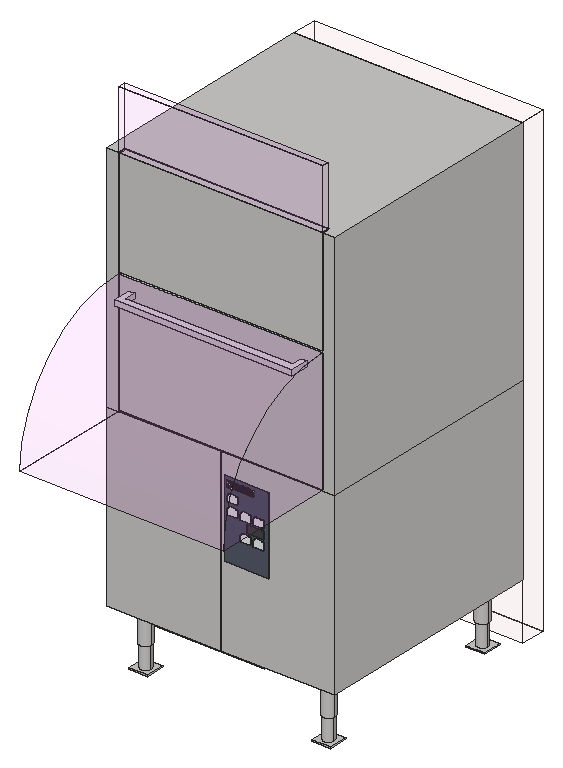
Revit family "QF_ELECTROLUXPROFESSIONAL_190898_EPPWESGM6", category Attrezzature speciali, Revit 2020
Family settings
  Quota connettore circolare = Usa diametro
  Tipo di parte = Normale
  Basato su piano di lavoro = No
  Sempre verticale = Sì
  Taglio con vuoti quando caricato = No
  Condiviso = No
  Punto di calcolo locali = No
Parameters (values of type "Standard")
  Weight = 200.00 kg
  Watts = 13000 W
  Volts = 400 V
  URL Manufacturer = "https://www.electroluxprofessional.com/"
  URL = "https://www.electroluxprofessional.com/"
  Steam Supply Size = 0 mm
  Steam Supply Minimum Pressure = 0.0 Pa
  Steam Supply Maximum Pressure = 0.0 Pa
  Steam Consumption per Hour = 0
  Show Logo [instance] = yes
  Show Clearance [instance] = yes
  Refrigeration Suction Line Size = 0 mm
  Refrigeration Liquid Line Size = 0 mm
  Refrigerant Compressor Remote = yes
  Prospetto di default = 0 mm
  Produttore = "Electrolux Professional"
  Phase = 3
  Modello = "EPPWESGM6"
  Length Actual = 876 mm  # constant formula
  Item Number = "190898"
  Hot Water Size = 19.05 mm
  Height Actual = 1791 mm  # constant formula
  HP = "17.4 HP"
  Gas Size = 0 mm
  Gas KW = 0
  Gas Input Pressure = 0 W
  Direct Waste Size = 20 mm
  Descrizione = "ELECTRONIC POT&PAN 900MM, 60HZ-MARINE"
  Depth Actual = 900 mm  # constant formula
  Cycle = 60 Hz
  Condensate Return Size = 0 mm
  Compressed Air Volume = 0.0 L/s
  Compressed Air Size = 0 mm
  Compressed Air Pressure = 0.0 Pa
  Cold Water Size = 0 mm
  Accessory = yes
Reference planes
  plane 1 "Center (Front/Back)": y = 0
  plane 2: z = 0
  plane 3: x = -63
  plane 4 "LEFT": x = -501
  plane 5: x = 375
  plane 6: y = -450
  plane 7 "BACK": y = 450
  plane 8: z = 220
  plane 9: z = 115
  plane 10: z = 1791
Forms (mm)
  Extrusion 1, solid, material "QF_Finishes_Stainless Steel"
    sketch origin (88.519, -3.5, 0) x (1, 0, 0) y (0, 1, 0)
      loop
        line (-534.519, -88.5) -> (-534.519, -308.5) -> (-94.519, -308.5) -> (-94.519, -88.5) -> (-534.519, -88.5)
    from 115 to 220
  Extrusion 2, solid, material "QF_Finishes_Stainless Steel"
    sketch origin (0, 0, 0) x (1, 0, 0) y (0, 1, 0)
      loop
        line (-501, 450) -> (-501, -450) -> (-63, -450) -> (-63, 450) -> (-501, 450)
    from 220 to 904
  Extrusion 3, solid, material "QF_Finishes_Stainless Steel"
    sketch origin (0, 0, 0) x (1, 0, 0) y (0, 1, 0)
      loop
        line (-63, 450) -> (-63, -450) -> (375, -450) -> (375, 450) -> (-63, 450)
    from 220 to 904
  Extrusion 4, solid, material "QF_Finishes_Stainless Steel"
    sketch origin (0, 0, 0) x (1, 0, 0) y (0, 1, 0)
      loop
        line (-501, 450) -> (-501, -450) -> (-453, -450) -> (-453, -418) -> (327, -418) -> (327, -450) -> (375, -450) -> (375, 450) -> (-501, 450)
    from 904 to 1791
  Extrusion 5, solid, material "QF_Finishes_Stainless Steel"
    sketch origin (0, 0, 0) x (1, 0, 0) y (0, 1, 0)
      loop
        line (-453, -450) -> (327, -450) -> (327, -420) -> (-453, -420) -> (-453, -450)
    from 909 to 1377.938
  Extrusion 6, solid, material "QF_Finishes_Stainless Steel"
    sketch origin (0, 0, 0) x (1, 0, 0) y (0, 1, 0)
      loop
        line (-453, -450) -> (327, -450) -> (327, -420) -> (-453, -420) -> (-453, -450)
    from 1384.114 to 1791
  Extrusion 7, solid, material "QF_Finishes_Door Clearance", visible <- "Show Clearance"
    sketch origin (-229, -650, 546.718) x (0, 1, 0) y (0, 0, -1)
      loop
        line (200, -357.282) -> (-274, -357.282)
        arc (-274, -357.282) -> (-135.169, -692.45) -> (200, -831.282) r 474
        line (200, -831.282) -> (200, -357.282)
    from 224 to -556
  Extrusion 8, solid, material "QF_Finishes_Door Clearance", visible <- "Show Clearance"
    sketch origin (-229, -650, 1221.218) x (0, 1, 0) y (0, 0, -1)
      loop
        line (200, -569.782) -> (200, -798.782) -> (230, -798.782) -> (230, -569.782) -> (200, -569.782)
    from 224 to -556
  Extrusion 9, solid, material "QF_Finishes_Clearance", visible <- "Show Clearance"
    sketch origin (0, 0, 0) x (1, 0, 0) y (0, 1, 0)
      loop
        line (-501, 450) -> (375, 450) -> (375, 550) -> (-501, 550) -> (-501, 450)
    from 0 to 1791
  Extrusion 10, solid, material "QF_Finishes_Stainless Steel"
    sketch origin (-756.159, 1152.464, 214.383) x (1, 0, 0) y (0, 1, 0)
      loop
        circle (701.159, -772.464) r 10
    from -9.383 to 5.617
  Extrusion 11, solid, material "QF_Finishes_Stainless Steel"
    sketch origin (207.404, -238.023, 218) x (0, -1, 0) y (1, 0, 0)
      loop
        line (-163.023, 6.596) -> (-163.023, 26.596) -> (-183.023, 26.596) -> (-183.023, 6.596) -> (-163.023, 6.596)
    from 0 to 2
  Extrusion 12, solid, material "QF_Finishes_Stainless Steel"
    sketch origin (-127.596, 216.977, 218) x (0, -1, 0) y (1, 0, 0)
      loop
        line (-163.023, 6.596) -> (-163.023, 26.596) -> (-183.023, 26.596) -> (-183.023, 6.596) -> (-163.023, 6.596)
    from 0 to 2
  Extrusion 13, solid, material "QF_Finishes_Stainless Steel"
    sketch origin (-526.159, 606.464, 214.383) x (1, 0, 0) y (0, 1, 0)
      loop
        circle (701.159, -772.464) r 10
    from -9.383 to 5.617
  Extrusion 14, solid, material "QF_Finishes_Stainless Steel"
    sketch origin (-456.159, 516.464, 214.383) x (1, 0, 0) y (0, 1, 0)
      loop
        circle (701.159, -772.464) r 10
    from -9.383 to 5.617
Dimensions and locks
  equal spacing: plane 7 "BACK", plane 1 "Center (Front/Back)", plane 6
  plane 7 "BACK" to plane 6 = 900 mm  (x2)
  plane 4 "LEFT" to plane 5 = 876 mm
  equal spacing: Extrusion 2, Extrusion 4 sketch curve, Extrusion 4 sketch curve, Extrusion 4 sketch curve
  equal spacing: plane 5, plane 3, plane 4 "LEFT"
  plane 8 to level = 220 mm
  Extrusion 1 to Extrusion 1 = 220 mm
  Extrusion 1 to plane 6 = 138 mm
  plane 10 to level = 1791 mm
  Extrusion 8 to level = 2020 mm
  Extrusion 9 to Extrusion 7 = 1374 mm
  level to Extrusion 4 = 904 mm
  aligned and locked: level to plane 2
  aligned and locked: plane 8 to Extrusion 1
  aligned and locked: Extrusion 1 to plane 9
  aligned and locked: Extrusion 2 to plane 6
  aligned and locked: plane 7 "BACK" to Extrusion 2
  aligned and locked: Extrusion 2 to plane 4 "LEFT"
  aligned and locked: Extrusion 3 sketch curve to Extrusion 2  (x2)
  aligned and locked: plane 6 to Extrusion 3 sketch curve
  aligned and locked: Extrusion 3 sketch curve to plane 5
  aligned and locked: Extrusion 2 to plane 8
  aligned and locked: Extrusion 3 to plane 8
  aligned and locked: Extrusion 4 sketch curve to Extrusion 2  (x2)
  aligned and locked: Extrusion 5 sketch curve to plane 6
  aligned and locked: Extrusion 6 sketch curve to Extrusion 5  (x4)
  aligned and locked: Extrusion 6 to Extrusion 8 sketch curve
  aligned and locked: Extrusion 8 to Extrusion 6  (x2)
Automatic sketch dimensions
  plane 4 "LEFT" to Extrusion 1 sketch curve = 55 mm
  plane 3 to Extrusion 1 sketch curve = 57 mm
  plane 6 to Extrusion 1 sketch curve = 138 mm
  plane 1 "Center (Front/Back)" to Extrusion 1 sketch curve = 92 mm
  Extrusion 2 sketch curve to plane 4 "LEFT" = 0 mm
  Extrusion 2 sketch curve to plane 3 = 0 mm
  Extrusion 2 sketch curve to plane 6 = 0 mm
  Extrusion 2 sketch curve to plane 7 "BACK" = 0 mm
  Extrusion 4 sketch curve to plane 6 = 0 mm  (x2)
  Extrusion 4 sketch curve to plane 5 = 0 mm
  plane 4 "LEFT" to Extrusion 4 sketch curve = 48 mm
  Extrusion 4 sketch curve to Extrusion 4 sketch curve = 48 mm
  Extrusion 4 sketch curve to Extrusion 4 sketch curve = 32 mm
  plane 4 "LEFT" to Extrusion 5 sketch curve = 48 mm
  Extrusion 5 sketch curve to plane 5 = 48 mm
  Extrusion 5 sketch curve to Extrusion 5 sketch curve = 30 mm
  Extrusion 7 sketch curve to plane 6 = 0 mm
  Extrusion 7 sketch curve to plane 6 = 474 mm
  plane 10 to Extrusion 7 sketch curve = 413 mm
  Extrusion 8 sketch curve to plane 6 = 0 mm
  plane 10 to Extrusion 8 sketch curve = 0 mm
  Extrusion 8 sketch curve to Extrusion 8 sketch curve = 229 mm
  Extrusion 9 sketch curve to plane 4 "LEFT" = 0 mm
  Extrusion 9 sketch curve to plane 5 = 0 mm
  Extrusion 9 sketch curve to plane 7 "BACK" = 0 mm
  Extrusion 9 sketch curve to Extrusion 9 sketch curve = 100 mm
  Extrusion 10 sketch curve to plane 5 = 430 mm
  Extrusion 10 sketch curve to plane 7 "BACK" = 70 mm
  Extrusion 11 sketch curve to plane 7 "BACK" = 505 mm
  Extrusion 11 sketch curve to Extrusion 11 sketch curve = 20 mm  (x2)
  Extrusion 11 sketch curve to plane 5 = 161 mm
  Extrusion 12 sketch curve to plane 1 "Center (Front/Back)" = 400 mm
  Extrusion 12 sketch curve to Extrusion 12 sketch curve = 20 mm  (x2)
  Extrusion 12 sketch curve to plane 5 = 496 mm
  Extrusion 13 sketch curve to plane 5 = 200 mm
  Extrusion 13 sketch curve to plane 7 "BACK" = 616 mm
  Extrusion 14 sketch curve to plane 5 = 130 mm
  Extrusion 14 sketch curve to plane 7 "BACK" = 706 mm
  radius of Extrusion 10 sketch curve = 10 mm
  radius of Extrusion 13 sketch curve = 10 mm
  radius of Extrusion 14 sketch curve = 10 mm
Nested families
  nested 1: "MANIGLIA_DISHWASHING_SQUARE" at (-73, -450, 1321) x (1, 0, 0) z (0, -1, 0), type "MANIGLIA_DISHWASHING_SQUARE"
  nested 2: "Tastierino_LARGE_ROUNCORNER_DISHWASHING_BLUE" at (37, -450, 680) x (-1, 0, 0) z (0, -1, 0), type "Tastierino_LARGE_ROUNCORNER_DISHWASHING_BLUE"
    with Show Logo yes
  nested 3: "ELX_LOGO_MONO_SMALL_WHITE" at (-34.92, -450.8, 755) x (-1, 0, 0) z (0, -1, 0), Show Logo <- "Show Logo", visible <- "Show Logo", type "ELX_LOGO_MONO_SMALL_WHITE"
    with Show Logo yes
  nested 4: "ELX_LOGO_WORDS_WHITE" at (27, -450.8, 804.211) x (1, 0, 0) z (0, -1, 0), Show Logo <- "Show Logo", visible <- "Show Logo", type "ELX_LOGO_WORDS_WHITE"
    with Show Logo yes
  nested 5: "Piedino H220X50 - DISHWASHING - MARINE" at (288, -371, 0), type "Piedino H220X50 - DISHWASHING - MARINE"
    with H 200 mm
  nested 6: "Piedino H220X50 - DISHWASHING - MARINE" at (288, 366.199, 0), type "Piedino H220X50 - DISHWASHING - MARINE"
    with H 200 mm
  nested 7: "Piedino H220X50 - DISHWASHING - MARINE" at (-414, -370.375, 0), type "Piedino H220X50 - DISHWASHING - MARINE"
    with H 200 mm
  nested 8: "Piedino H220X50 - DISHWASHING - MARINE" at (-414, 366.824, 0), type "Piedino H220X50 - DISHWASHING - MARINE"
    with H 200 mm
Connectors
  piping at (-55, 380, 205), diameter 12.9
    settings: on Extrusion 10, index 48, connector inside diameter 609.6 mm, connector length 0 mm, flow factor 0, pipe flow 0.0 L/s, pressure drop 0.0 Pa, fitting loss kfactor 0, connector angle 0.00°, fixture units 0, engagement length 0 mm, angle of deflection 0.00°, flow configuration 0, flow direction 0, fitting loss method 0, system type 29, joint type 0, gender type 0, connector reference index -1, connector utility 0, adjustable connector no, is connector primary yes, connector description "D"
  electrical at (224, -65, 218)
    settings: on Extrusion 11, index 49, voltage 0 V, apparent load 0 VA, apparent load phase1 0 VA, apparent load phase2 0 VA, apparent load phase3 0 VA, power factor 1, load classification "Altro", number of poles 1, system type 30, power factor state 1, is connector primary yes, connector utility no, sub classification motor no, connector description "EI"
  electrical at (-111, 390, 218)
    settings: on Extrusion 12, index 50, voltage 0 V, apparent load 0 VA, apparent load phase1 0 VA, apparent load phase2 0 VA, apparent load phase3 0 VA, power factor 1, load classification "Altro", number of poles 1, system type 30, power factor state 1, is connector primary no, connector utility no, sub classification motor no, connector description "EQ"
  piping at (175, -166, 205), diameter 12.9
    settings: on Extrusion 13, index 51, connector inside diameter 609.6 mm, connector length 0 mm, flow factor 0, pipe flow 0.0 L/s, pressure drop 0.0 Pa, fitting loss kfactor 0, connector angle 0.00°, fixture units 0, engagement length 0 mm, angle of deflection 0.00°, flow configuration 0, flow direction 0, fitting loss method 0, system type 29, joint type 0, gender type 0, connector reference index -1, connector utility 0, adjustable connector no, is connector primary no, connector description "HWI"
  piping at (245, -256, 205), diameter 12.9
    settings: on Extrusion 14, index 52, connector inside diameter 609.6 mm, connector length 0 mm, flow factor 0, pipe flow 0.0 L/s, pressure drop 0.0 Pa, fitting loss kfactor 0, connector angle 0.00°, fixture units 0, engagement length 0 mm, angle of deflection 0.00°, flow configuration 0, flow direction 0, fitting loss method 0, system type 29, joint type 0, gender type 0, connector reference index -1, connector utility 0, adjustable connector no, is connector primary no, connector description "XD/XR"
Definition of nested family "MANIGLIA_DISHWASHING_SQUARE"
  Parameters
    Default Elevation = 1219.2 mm
  Reference planes
    plane 1 "Centro (Fronte/Retro)": y = 0
    plane 2: z = 0
    plane 3 "Centro (Sinistra/Destra)": x = 0
    plane 4: z = 72
    plane 5: x = -340
    plane 6: x = 340
  Forms (mm)
    Extrusion 1, solid
      sketch origin (0, 0, 0) x (1, 0, 0) y (0, 1, 0)
        loop
          line (-1219.2, 1219.2) -> (-1219.2, -1219.2) -> (1219.2, -1219.2) -> (1219.2, 1219.2) -> (-1219.2, 1219.2)
      from 0 to -304.8
    Extrusion 2, solid
      sketch origin (0, 10.003, 0) x (1, 0, 0) y (0, 0, 1)
        loop
          line (-340, 0) -> (-320, 0) -> (-320, 42) -> (320, 42) -> (320, 0) -> (340, 0) -> (340, 72) -> (-340, 72) -> (-340, 0)
      from 0 to 20.005
  Dimensions and locks
    aligned and locked: plane 2 to Extrusion 1
    aligned and locked: level to Extrusion 1
Definition of nested family "Tastierino_LARGE_ROUNCORNER_DISHWASHING_BLUE"
  Parameters
    Show Logo [instance] = yes
    Default Elevation = 1219.2 mm
  Reference planes
    plane 1 "Centro (Fronte/Retro)": y = 0
    plane 2: z = 0
    plane 3 "Centro (Sinistra/Destra)": x = 0
  Forms (mm)
    Extrusion 1, solid
      sketch origin (0, 0, 0) x (1, 0, 0) y (0, 1, 0)
        loop
          line (-1219.2, 1219.2) -> (-1219.2, -1219.2) -> (1219.2, -1219.2) -> (1219.2, 1219.2) -> (-1219.2, 1219.2)
      from 0 to -304.8
    Extrusion 2, solid
      sketch origin (0, 0, 0) x (1, 0, 0) y (0, 1, 0)
        loop
          line (-84.444, 147.62) -> (-84.444, -147.62) -> (84.444, -147.62) -> (84.444, 147.62) -> (-84.444, 147.62)
        loop
          arc (-63.183, 58.723) -> (-64.598, 58.137) -> (-65.183, 56.723) r 2
          line (-65.183, 56.723) -> (-65.183, 30.723)
          arc (-65.183, 30.723) -> (-64.598, 29.308) -> (-63.183, 28.723) r 2
          line (-63.183, 28.723) -> (-40.183, 28.723)
          arc (-40.183, 28.723) -> (-29.577, 33.116) -> (-25.183, 43.723) r 15
          line (-25.183, 43.723) -> (-25.183, 56.723)
          arc (-25.183, 56.723) -> (-25.769, 58.137) -> (-27.183, 58.723) r 2
          line (-27.183, 58.723) -> (-63.183, 58.723)
        loop
          line (-65.183, 22.208) -> (-65.183, -7.792) -> (0, -7.792) -> (0, 22.208) -> (-65.183, 22.208)
        loop
          arc (-13.183, 58.723) -> (-14.598, 58.137) -> (-15.183, 56.723) r 2
          line (-15.183, 56.723) -> (-15.183, 30.723)
          arc (-15.183, 30.723) -> (-14.598, 29.308) -> (-13.183, 28.723) r 2
          line (-13.183, 28.723) -> (9.817, 28.723)
          arc (9.817, 28.723) -> (20.423, 33.116) -> (24.817, 43.723) r 15
          line (24.817, 43.723) -> (24.817, 56.723)
          arc (24.817, 56.723) -> (24.231, 58.137) -> (22.817, 58.723) r 2
          line (22.817, 58.723) -> (-13.183, 58.723)
        loop
          arc (-63.183, -16.277) -> (-64.598, -16.863) -> (-65.183, -18.277) r 2
          line (-65.183, -18.277) -> (-65.183, -44.277)
          arc (-65.183, -44.277) -> (-64.598, -45.692) -> (-63.183, -46.277) r 2
          line (-63.183, -46.277) -> (-40.183, -46.277)
          arc (-40.183, -46.277) -> (-29.577, -41.884) -> (-25.183, -31.277) r 15
          line (-25.183, -31.277) -> (-25.183, -18.277)
          arc (-25.183, -18.277) -> (-25.769, -16.863) -> (-27.183, -16.277) r 2
          line (-27.183, -16.277) -> (-63.183, -16.277)
        loop
          arc (-13.183, -16.277) -> (-14.598, -16.863) -> (-15.183, -18.277) r 2
          line (-15.183, -18.277) -> (-15.183, -44.277)
          arc (-15.183, -44.277) -> (-14.598, -45.692) -> (-13.183, -46.277) r 2
          line (-13.183, -46.277) -> (9.817, -46.277)
          arc (9.817, -46.277) -> (20.423, -41.884) -> (24.817, -31.277) r 15
          line (24.817, -31.277) -> (24.817, -18.277)
          arc (24.817, -18.277) -> (24.231, -16.863) -> (22.817, -16.277) r 2
          line (22.817, -16.277) -> (-13.183, -16.277)
        loop
          arc (36.817, -16.277) -> (35.402, -16.863) -> (34.817, -18.277) r 2
          line (34.817, -18.277) -> (34.817, -44.277)
          arc (34.817, -44.277) -> (35.402, -45.692) -> (36.817, -46.277) r 2
          line (36.817, -46.277) -> (59.817, -46.277)
          arc (59.817, -46.277) -> (70.423, -41.884) -> (74.817, -31.277) r 15
          line (74.817, -31.277) -> (74.817, -18.277)
          arc (74.817, -18.277) -> (74.231, -16.863) -> (72.817, -16.277) r 2
          line (72.817, -16.277) -> (36.817, -16.277)
        loop
          arc (36.817, -61.277) -> (35.402, -61.863) -> (34.817, -63.277) r 2
          line (34.817, -63.277) -> (34.817, -89.277)
          arc (34.817, -89.277) -> (35.402, -90.692) -> (36.817, -91.277) r 2
          line (36.817, -91.277) -> (59.817, -91.277)
          arc (59.817, -91.277) -> (70.423, -86.884) -> (74.817, -76.277) r 15
          line (74.817, -76.277) -> (74.817, -63.277)
          arc (74.817, -63.277) -> (74.231, -61.863) -> (72.817, -61.277) r 2
          line (72.817, -61.277) -> (36.817, -61.277)
      from 0 to 0.8
    Extrusion 3, solid
      sketch origin (0, 0, 0) x (1, 0, 0) y (0, 1, 0)
        loop
          line (-65.183, 22.208) -> (-65.183, -7.792) -> (0, -7.792) -> (0, 22.208) -> (-65.183, 22.208)
      from 0 to 0.8
    Extrusion 4, solid
      sketch origin (0, 0, 0) x (1, 0, 0) y (0, 1, 0)
        loop
          arc (-63.183, 58.723) -> (-64.598, 58.137) -> (-65.183, 56.723) r 2
          line (-65.183, 56.723) -> (-65.183, 30.723)
          arc (-65.183, 30.723) -> (-64.598, 29.308) -> (-63.183, 28.723) r 2
          line (-63.183, 28.723) -> (-40.183, 28.723)
          arc (-40.183, 28.723) -> (-29.577, 33.116) -> (-25.183, 43.723) r 15
          line (-25.183, 43.723) -> (-25.183, 56.723)
          arc (-25.183, 56.723) -> (-25.769, 58.137) -> (-27.183, 58.723) r 2
          line (-27.183, 58.723) -> (-63.183, 58.723)
        loop
          arc (-13.183, 58.723) -> (-14.598, 58.137) -> (-15.183, 56.723) r 2
          line (-15.183, 56.723) -> (-15.183, 30.723)
          arc (-15.183, 30.723) -> (-14.598, 29.308) -> (-13.183, 28.723) r 2
          line (-13.183, 28.723) -> (9.817, 28.723)
          arc (9.817, 28.723) -> (20.423, 33.116) -> (24.817, 43.723) r 15
          line (24.817, 43.723) -> (24.817, 56.723)
          arc (24.817, 56.723) -> (24.231, 58.137) -> (22.817, 58.723) r 2
          line (22.817, 58.723) -> (-13.183, 58.723)
        loop
          arc (-63.183, -16.277) -> (-64.598, -16.863) -> (-65.183, -18.277) r 2
          line (-65.183, -18.277) -> (-65.183, -44.277)
          arc (-65.183, -44.277) -> (-64.598, -45.692) -> (-63.183, -46.277) r 2
          line (-63.183, -46.277) -> (-40.183, -46.277)
          arc (-40.183, -46.277) -> (-29.577, -41.884) -> (-25.183, -31.277) r 15
          line (-25.183, -31.277) -> (-25.183, -18.277)
          arc (-25.183, -18.277) -> (-25.769, -16.863) -> (-27.183, -16.277) r 2
          line (-27.183, -16.277) -> (-63.183, -16.277)
        loop
          arc (-13.183, -16.277) -> (-14.598, -16.863) -> (-15.183, -18.277) r 2
          line (-15.183, -18.277) -> (-15.183, -44.277)
          arc (-15.183, -44.277) -> (-14.598, -45.692) -> (-13.183, -46.277) r 2
          line (-13.183, -46.277) -> (9.817, -46.277)
          arc (9.817, -46.277) -> (20.423, -41.884) -> (24.817, -31.277) r 15
          line (24.817, -31.277) -> (24.817, -18.277)
          arc (24.817, -18.277) -> (24.231, -16.863) -> (22.817, -16.277) r 2
          line (22.817, -16.277) -> (-13.183, -16.277)
        loop
          arc (36.817, -16.277) -> (35.402, -16.863) -> (34.817, -18.277) r 2
          line (34.817, -18.277) -> (34.817, -44.277)
          arc (34.817, -44.277) -> (35.402, -45.692) -> (36.817, -46.277) r 2
          line (36.817, -46.277) -> (59.817, -46.277)
          arc (59.817, -46.277) -> (70.423, -41.884) -> (74.817, -31.277) r 15
          line (74.817, -31.277) -> (74.817, -18.277)
          arc (74.817, -18.277) -> (74.231, -16.863) -> (72.817, -16.277) r 2
          line (72.817, -16.277) -> (36.817, -16.277)
        loop
          arc (36.817, -61.277) -> (35.402, -61.863) -> (34.817, -63.277) r 2
          line (34.817, -63.277) -> (34.817, -89.277)
          arc (34.817, -89.277) -> (35.402, -90.692) -> (36.817, -91.277) r 2
          line (36.817, -91.277) -> (59.817, -91.277)
          arc (59.817, -91.277) -> (70.423, -86.884) -> (74.817, -76.277) r 15
          line (74.817, -76.277) -> (74.817, -63.277)
          arc (74.817, -63.277) -> (74.231, -61.863) -> (72.817, -61.277) r 2
          line (72.817, -61.277) -> (36.817, -61.277)
      from 0 to 0.8
  Dimensions and locks
    aligned and locked: plane 2 to Extrusion 1
    aligned and locked: level to Extrusion 1
Definition of nested family "ELX_LOGO_MONO_SMALL_WHITE"
  Parameters (values of type "ELX_LOGO_MONO_SMALL_WHITE")
    Show Logo [instance] = yes
    Default Elevation = 1219.2 mm
  Reference planes
    plane 1 "Center (Front/Back)": y = -49
    plane 2: z = 0
    plane 3 "Center (Left/Right)": x = -9.92
  Forms (mm)
    Extrusion 1, solid
      sketch origin (0, 0, 0) x (1, 0, 0) y (0, 1, 0)
        loop
          line (-1219.2, 1219.2) -> (-1219.2, -1219.2) -> (1219.2, -1219.2) -> (1219.2, 1219.2) -> (-1219.2, 1219.2)
      from 0 to -304.8
    Extrusion 2, solid, visible <- "Show Logo"
      sketch origin (84.462, 509.781, 0) x (1, 0, 0) y (0, 1, 0)
        loop
          line (-97.736, -569.727) -> (-97.736, -547.891)
          arc (-97.736, -547.891) -> (-105.808, -558.809) -> (-97.736, -569.727) r 11.42
        loop
          arc (-96.625, -569.727) -> (-87.544, -567.663) -> (-83.169, -559.442) r 11.191
          line (-83.169, -559.442) -> (-86.782, -559.442)
          arc (-86.782, -559.442) -> (-93.235, -562.062) -> (-96.625, -568.146) r 10.49
          line (-96.625, -568.146) -> (-96.625, -569.727)
        loop
          arc (-96.625, -549.472) -> (-93.235, -555.557) -> (-86.782, -558.176) r 10.49
          line (-86.782, -558.176) -> (-83.169, -558.176)
          arc (-83.169, -558.176) -> (-87.537, -549.888) -> (-96.625, -547.611) r 11.484
          line (-96.625, -547.611) -> (-96.625, -549.472)
        loop
          line (-82.34, -570.919) -> (-82.34, -546.65) -> (-106.642, -546.65) -> (-106.642, -570.919) -> (-82.34, -570.919)
      from 0 to 1.644
  Dimensions and locks
    aligned and locked: plane 2 to Extrusion 1
    aligned and locked: level to Extrusion 1
Definition of nested family "ELX_LOGO_WORDS_WHITE"
  Parameters (values of type "ELX_LOGO_WORDS_WHITE")
    Show Logo [instance] = yes
    Default Elevation = 0 mm
  Reference planes
    plane 1 "Centro (Fronte/Retro)": y = 0
    plane 2: z = 0
    plane 3 "Centro (Sinistra/Destra)": x = 0
  Forms (mm)
    Extrusion 1, solid
      sketch origin (0, 0, 0) x (1, 0, 0) y (0, 1, 0)
        loop
          line (-1219.2, 1219.2) -> (-1219.2, -1219.2) -> (1219.2, -1219.2) -> (1219.2, 1219.2) -> (-1219.2, 1219.2)
      from 0 to -304.8
    Extrusion 2, solid, visible <- "Show Logo"
      sketch origin (0, 0, 0) x (1, 0, 0) y (0, 1, 0)
        loop
          line (-30.234, 10.561) -> (-37.67, 10.561) -> (-37.67, 1.902)
          arc (-37.67, 1.902) -> (-36.691, -0.461) -> (-34.329, -1.439) r 3.341
          line (-34.329, -1.439) -> (-30.09, -1.439) -> (-30.09, 0.503) -> (-33.845, 0.503)
          arc (-33.845, 0.503) -> (-35.079, 0.92) -> (-35.604, 2.112) r 1.615
          line (-35.604, 2.112) -> (-35.604, 3.829) -> (-30.555, 3.829) -> (-30.555, 5.779) -> (-35.604, 5.779) -> (-35.604, 8.617) -> (-30.234, 8.617) -> (-30.234, 10.561)
        loop
          line (-28.622, 10.561) -> (-28.622, -1.439) -> (-26.555, -1.439) -> (-26.555, 10.561) -> (-28.622, 10.561)
        loop
          line (16.27, 10.561) -> (16.27, -1.439) -> (18.338, -1.439) -> (18.338, 10.561) -> (16.27, 10.561)
        loop
          line (-23.137, 2.393) -> (-16.354, 2.393)
          arc (-16.354, 2.393) -> (-17.415, 6.119) -> (-21.043, 7.478) r 4.298
          arc (-21.043, 7.478) -> (-24.239, 5.857) -> (-25.151, 2.393) r 4.373
          arc (-25.151, 2.393) -> (-23.951, -0.505) -> (-21.053, -1.705) r 4.097
          arc (-21.053, -1.705) -> (-18.799, -1.372) -> (-16.908, -0.099) r 5.15
          line (-16.908, -0.099) -> (-18.133, 1.125)
          arc (-18.133, 1.125) -> (-19.74, 0.161) -> (-21.607, 0.323) r 3.039
          arc (-21.607, 0.323) -> (-22.746, 1.081) -> (-23.137, 2.393) r 2.013
        loop
          line (-23.085, 3.846) -> (-18.431, 3.846)
          arc (-18.431, 3.846) -> (-19.084, 5.22) -> (-20.519, 5.727) r 1.983
          arc (-20.519, 5.727) -> (-22.175, 5.295) -> (-23.085, 3.846) r 2.321
        loop
          line (-8.297, 4.711) -> (-6.999, 6.009)
          arc (-6.999, 6.009) -> (-8.627, 7.187) -> (-10.604, 7.539) r 4.497
          arc (-10.604, 7.539) -> (-13.621, 6.437) -> (-15.204, 3.642) r 4.652
          arc (-15.204, 3.642) -> (-12.536, -1.257) -> (-7.072, -0.127) r 4.684
          line (-7.072, -0.127) -> (-8.363, 1.163)
          arc (-8.363, 1.163) -> (-11.149, 0.242) -> (-13.145, 2.393) r 2.714
          arc (-13.145, 2.393) -> (-13.006, 4.094) -> (-11.835, 5.335) r 2.578
          arc (-11.835, 5.335) -> (-9.96, 5.621) -> (-8.297, 4.711) r 2.961
        loop
          line (-5.73, 10.561) -> (-5.73, 2.36)
          arc (-5.73, 2.36) -> (-5.551, 1.13) -> (-5.09, -0.025) r 5.301
          arc (-5.09, -0.025) -> (-3.615, -1.198) -> (-1.746, -1.445) r 3.531
          line (-1.746, -1.445) -> (-1.746, 0.492)
          arc (-1.746, 0.492) -> (-2.302, 0.534) -> (-2.82, 0.74) r 1.862
          arc (-2.82, 0.74) -> (-3.484, 1.442) -> (-3.662, 2.393) r 1.713
          line (-3.662, 2.393) -> (-3.662, 5.362) -> (-1.785, 5.362) -> (-1.785, 7.24) -> (-3.662, 7.24) -> (-3.662, 10.561) -> (-5.73, 10.561)
        loop
          arc (2.004, 3.123) -> (2.152, 3.988) -> (2.578, 4.755) r 2.607
          arc (2.578, 4.755) -> (3.817, 5.391) -> (5.208, 5.362) r 2.84
          line (5.208, 5.362) -> (5.208, 7.349)
          arc (5.208, 7.349) -> (3.39, 7.177) -> (2.004, 5.989) r 3.016
          line (2.004, 5.989) -> (2.004, 7.24) -> (-0.046, 7.24) -> (-0.046, -1.439) -> (2.004, -1.439) -> (2.004, 3.123)
        loop
          circle (10.262, 2.899) r 4.599
        loop
          circle (10.262, 2.899) r 2.787
        loop
          arc (25.793, 2.175) -> (25.283, 0.772) -> (23.898, 0.213) r 1.835
          arc (23.898, 0.213) -> (22.514, 0.772) -> (22.004, 2.175) r 1.835
          line (22.004, 2.175) -> (22.004, 7.24) -> (19.919, 7.24) -> (19.919, 2.003)
          arc (19.919, 2.003) -> (21.105, -0.701) -> (23.898, -1.659) r 3.675
          arc (23.898, -1.659) -> (26.723, -0.672) -> (27.877, 2.088) r 3.675
          line (27.877, 2.088) -> (27.877, 7.24) -> (25.793, 7.24) -> (25.793, 2.175)
        loop
          line (29.126, 7.24) -> (32.128, 3.164) -> (28.83, -1.442) -> (31.052, -1.442) -> (33.241, 1.615) -> (35.462, -1.442) -> (37.67, -1.442) -> (34.419, 3.211) -> (37.392, 7.24) -> (35.135, 7.24) -> (33.234, 4.663) -> (31.362, 7.24) -> (29.126, 7.24)
        loop
          line (-35.875, -6.414) -> (-37.523, -6.414) -> (-37.523, -10.564) -> (-36.621, -10.564) -> (-36.621, -9.135) -> (-35.625, -9.135)
          arc (-35.625, -9.135) -> (-34.509, -7.66) -> (-35.875, -6.414) r 1.372
        loop
          arc (-35.664, -8.32) -> (-35.322, -7.786) -> (-35.664, -7.253) r 0.587
          line (-35.664, -7.253) -> (-36.621, -7.253) -> (-36.621, -8.32) -> (-35.664, -8.32)
        loop
          line (-29.363, -6.414) -> (-31.04, -6.414) -> (-31.04, -10.564) -> (-30.138, -10.564) -> (-30.138, -9.135) -> (-29.265, -9.135) -> (-28.669, -10.564) -> (-27.7, -10.564) -> (-28.516, -8.814)
          arc (-28.516, -8.814) -> (-28.125, -8.347) -> (-27.994, -7.752) r 1.281
          arc (-27.994, -7.752) -> (-28.406, -6.804) -> (-29.363, -6.414) r 1.37
        loop
          line (-30.138, -7.253) -> (-30.138, -8.32) -> (-29.18, -8.32)
          arc (-29.18, -8.32) -> (-28.839, -7.786) -> (-29.18, -7.253) r 0.587
          line (-29.18, -7.253) -> (-30.138, -7.253)
        loop
          circle (-22.402, -8.489) r 2.156
        loop
          circle (-22.402, -8.489) r 1.368
        loop
          line (-16.703, -6.414) -> (-16.703, -10.564) -> (-15.823, -10.564) -> (-15.823, -9.114) -> (-14.261, -9.114) -> (-14.261, -8.184) -> (-15.823, -8.184) -> (-15.823, -7.308) -> (-14.111, -7.308) -> (-14.111, -6.414) -> (-16.703, -6.414)
        loop
          line (-10.611, -6.414) -> (-10.611, -9.216)
          arc (-10.611, -9.216) -> (-10.229, -10.166) -> (-9.284, -10.561) r 1.327
          line (-9.284, -10.561) -> (-7.945, -10.561) -> (-7.945, -9.777) -> (-9.204, -9.777)
          arc (-9.204, -9.777) -> (-9.668, -9.394) -> (-9.759, -8.799) r 0.845
          line (-9.759, -8.799) -> (-8.1, -8.799) -> (-8.1, -8.015) -> (-9.759, -8.015) -> (-9.759, -7.198) -> (-7.985, -7.198) -> (-7.985, -6.414) -> (-10.611, -6.414)
        loop
          arc (4.417, -6.94) -> (3.867, -6.489) -> (3.171, -6.345) r 1.485
          arc (3.171, -6.345) -> (2.528, -6.503) -> (2, -6.902) r 1.645
          arc (2, -6.902) -> (1.902, -7.844) -> (2.51, -8.571) r 1.217
          arc (2.51, -8.571) -> (3.021, -8.741) -> (3.506, -8.976) r 4.201
          arc (3.506, -8.976) -> (3.812, -9.337) -> (3.601, -9.761) r 0.43
          arc (3.601, -9.761) -> (3.209, -9.853) -> (2.819, -9.754) r 0.846
          arc (2.819, -9.754) -> (2.482, -9.511) -> (2.275, -9.15) r 0.983
          line (2.275, -9.15) -> (1.549, -9.489)
          arc (1.549, -9.489) -> (1.811, -9.993) -> (2.232, -10.374) r 1.595
          arc (2.232, -10.374) -> (2.71, -10.578) -> (3.227, -10.63) r 1.719
          arc (3.227, -10.63) -> (3.867, -10.503) -> (4.442, -10.197) r 2.246
          arc (4.442, -10.197) -> (4.697, -9.52) -> (4.566, -8.81) r 1.349
          arc (4.566, -8.81) -> (4.282, -8.482) -> (3.919, -8.245) r 1.564
          arc (3.919, -8.245) -> (3.46, -8.04) -> (2.99, -7.864) r 8.236
          arc (2.99, -7.864) -> (2.718, -7.441) -> (3.111, -7.128) r 0.375
          arc (3.111, -7.128) -> (3.581, -7.241) -> (3.943, -7.563) r 0.998
          line (3.943, -7.563) -> (4.417, -6.94)
        loop
          line (8.225, -6.414) -> (8.225, -10.561) -> (9.077, -10.561) -> (9.077, -6.414) -> (8.225, -6.414)
        loop
          circle (14.827, -8.488) r 1.29
        loop
          circle (14.827, -8.488) r 2.154
        loop
          line (20.548, -10.561) -> (21.409, -10.561) -> (21.409, -7.954) -> (23.306, -10.561) -> (24.135, -10.561) -> (24.135, -6.414) -> (23.274, -6.414) -> (23.274, -9.101) -> (21.377, -6.414) -> (20.548, -6.414) -> (20.548, -10.561)
        loop
          line (28.435, -10.561) -> (28.839, -9.667) -> (30.373, -9.667) -> (30.777, -10.561) -> (31.693, -10.561) -> (29.942, -6.414) -> (29.142, -6.414) -> (27.519, -10.561) -> (28.435, -10.561)
        loop
          line (29.99, -8.816) -> (29.579, -7.905) -> (29.18, -8.816) -> (29.99, -8.816)
        loop
          line (35.929, -9.777) -> (35.929, -6.414) -> (35.076, -6.414) -> (35.076, -10.561) -> (37.523, -10.561) -> (37.523, -9.777) -> (35.929, -9.777)
        loop
          arc (-1.8, -6.94) -> (-2.35, -6.489) -> (-3.046, -6.345) r 1.485
          arc (-3.046, -6.345) -> (-3.689, -6.503) -> (-4.218, -6.902) r 1.645
          arc (-4.218, -6.902) -> (-4.316, -7.844) -> (-3.708, -8.571) r 1.217
          arc (-3.708, -8.571) -> (-3.197, -8.741) -> (-2.712, -8.976) r 4.201
          arc (-2.712, -8.976) -> (-2.405, -9.337) -> (-2.616, -9.761) r 0.43
          arc (-2.616, -9.761) -> (-3.008, -9.853) -> (-3.399, -9.754) r 0.846
          arc (-3.399, -9.754) -> (-3.736, -9.511) -> (-3.942, -9.15) r 0.983
          line (-3.942, -9.15) -> (-4.668, -9.489)
          arc (-4.668, -9.489) -> (-4.407, -9.993) -> (-3.985, -10.374) r 1.595
          arc (-3.985, -10.374) -> (-3.507, -10.578) -> (-2.99, -10.63) r 1.719
          arc (-2.99, -10.63) -> (-2.351, -10.503) -> (-1.775, -10.197) r 2.246
          arc (-1.775, -10.197) -> (-1.521, -9.52) -> (-1.652, -8.81) r 1.349
          arc (-1.652, -8.81) -> (-1.936, -8.482) -> (-2.298, -8.245) r 1.564
          arc (-2.298, -8.245) -> (-2.757, -8.04) -> (-3.228, -7.864) r 8.236
          arc (-3.228, -7.864) -> (-3.5, -7.441) -> (-3.107, -7.128) r 0.375
          arc (-3.107, -7.128) -> (-2.636, -7.241) -> (-2.274, -7.563) r 0.998
          line (-2.274, -7.563) -> (-1.8, -6.94)
      from 0 to 1.644
  Dimensions and locks
    aligned and locked: plane 2 to Extrusion 1
    aligned and locked: level to Extrusion 1
Definition of nested family "Piedino H220X50 - DISHWASHING - MARINE"
  Parameters (values of type "Piedino H220X50 - DISHWASHING - MARINE")
    Default Elevation = 0 mm
    H [instance] = 200 mm
  Reference planes
    plane 1 "Centro (Fronte/Retro)": y = 0
    plane 2: z = 0
    plane 3 "Centro (Sinistra/Destra)": x = 0
    plane 4: z = 70.047
  Forms (mm)
    Revolve 1, solid
      sketch origin (55, 0, 0) x (-1, 0, 0) y (0, 0, -1)
        loop
          line (35, -5) -> (35, -90) -> (30, -90) -> (30, -220) -> (55, -220) -> (55, -5) -> (35, -5)
        axis (55, -5) -> (55, -220)
      angle from 0 to 360
    Extrusion 2, solid
      sketch origin (0, 0, 0) x (1, 0, 0) y (0, 0, 1)
        loop
          line (-35, 5) -> (-35, 0) -> (35, 0) -> (35, 5) -> (-35, 5)
      from -36.601 to 35
  Dimensions and locks
    aligned and locked: level to plane 2
